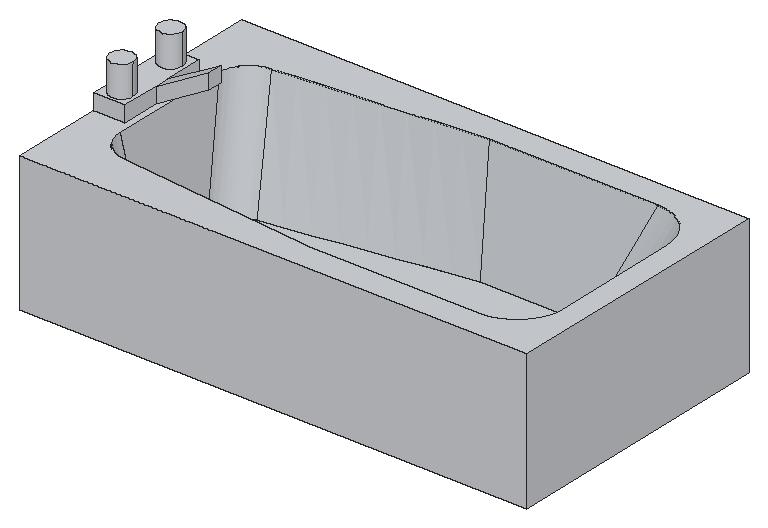
Revit family "912a1b6d5e24453dbc041826a40e85d3", category Plumbing Fixtures, Revit 2021
Family settings
  Round Connector Dimension = Use Radius
  Part Type = Normal
  OmniClass Number = 23.45.05.14.21.11
  OmniClass Title = Bath/Shower Units
  Seek Item ID = Bath Tub - Maestro-0000-USA-ENU
  Work Plane-Based = No
  Always vertical = Yes
  Cut with Voids When Loaded = No
  Shared = No
  Room Calculation Point = No
Parameters (values of type "66"x36" - Public")
  Sanitary Radius = 3/4"
  Sanitary Diameter = 2 * Sanitary Radius  # 1 1/2"
  WFU = 2
  Default Elevation = 0' - 0"
  Bath Tub Width = 3' - 0"
  Bath Tub Material = none
  Bath Tub Length = 5' - 6"
  Bath Tub Height = 1' - 6"
  Hot Water Radius = 1/4"
  Hot Water Diameter = 2 * Hot Water Radius  # 1/2"
  HWFU = 3
  Flow Pressure [instance] = 8.00 psi
  Faucet Material = none
  Cold Water Radius = 1/4"
  Cold Water Diameter = 2 * Cold Water Radius  # 1/2"
  CWFU = 3
Types (3): name | HWFU | CWFU
  (no name) | 3 | 3
  66"x36" - Public | 3 | 3
  66"x36" - Private | 1 | 1
Reference planes (in)
  plane 1 "Center (Front/Back)": y = 0
  plane 2: z = 0
  plane 3 "Center (Left/Right)": x = 0
  plane 4: x = 66
  plane 5: y = 36
  plane 6: z = 18
  plane 7: x = 63
  plane 8: y = 32.5
  plane 9: y = 3.5
  plane 10: x = 35
  plane 11: x = 5
  plane 12: y = 29.6875
  plane 13: y = 6.3125
  plane 14: x = 55
  plane 15: y = 31
  plane 16: y = 5
  plane 17: x = 6
  plane 18: y = 26.1875
  plane 19: y = 9.8125
  plane 20: z = 2
  plane 21: y = 18
  plane 22: y = 24
  plane 23: y = 12
  plane 24: x = 4
  plane 25: z = 20
  plane 26: z = 24
  plane 27: x = 2
  plane 28: y = 22
  plane 29: y = 14
  plane 30: x = 10.9375
  plane 31: y = 19
  plane 32: y = 17
  plane 33: z = 2.25
  plane 34: z = 10.25
Forms (in)
  Extrusion 1, solid, material <- "Bath Tub Material"
    sketch origin (0, 0, 0) x (1, 0, 0) y (0, 1, 0)
      loop
        line (0, 36) -> (0, 0) -> (66, 0) -> (66, 36) -> (0, 36)
    from 0 to 18
  Blend 2, void
    base sketch origin (0, 0, 0) x (1, 0, 0) y (0, 1, 0)
      loop
        line (35, 31) -> (9.34516, 26.74262)
        arc (9.34516, 26.74262) -> (6.94882, 25.38316) -> (6, 22.79659) r 4
        line (6, 22.79659) -> (6, 13.20341)
        arc (6, 13.20341) -> (6.94882, 10.61684) -> (9.34516, 9.25738) r 4
        line (9.34516, 9.25738) -> (35, 5) -> (49, 5)
        arc (49, 5) -> (53.24264, 6.75736) -> (55, 11) r 6
        line (55, 11) -> (55, 25)
        arc (55, 25) -> (53.24264, 29.24264) -> (49, 31) r 6
        line (49, 31) -> (35, 31)
    top sketch origin (0, 0, 0) x (1, 0, 0) y (0, 1, 0)
      loop
        line (35, 32.5) -> (8.62664, 30.0275)
        arc (8.62664, 30.0275) -> (6.04251, 28.73815) -> (5, 26.04496) r 4
        line (5, 26.04496) -> (5, 9.95504)
        arc (5, 9.95504) -> (6.04251, 7.26185) -> (8.62664, 5.9725) r 4
        line (8.62664, 5.9725) -> (35, 3.5) -> (57, 3.5)
        arc (57, 3.5) -> (61.24264, 5.25736) -> (63, 9.5) r 6
        line (63, 9.5) -> (63, 26.5)
        arc (63, 26.5) -> (61.24264, 30.74264) -> (57, 32.5) r 6
        line (57, 32.5) -> (35, 32.5)
    from 2 to 18
  Extrusion 3, solid, material <- "Faucet Material", detail levels fine
    sketch origin (0, 0, 0) x (1, 0, 0) y (0, 1, 0)
      loop
        line (0, 24) -> (0, 12) -> (4, 12) -> (4, 24) -> (0, 24)
    from 18 to 20
  Extrusion 4, solid, material <- "Faucet Material", detail levels fine
    sketch origin (0, 0, 0) x (1, 0, 0) y (0, 1, 0)
      loop
        circle (2, 22) r 1.5
      loop
        circle (2, 14) r 1.5
    from 20 to 24
  Extrusion 5, solid, material <- "Faucet Material", detail levels fine
    sketch origin (0, 0, 0) x (1, 0, 0) y (0, 0, 1)
      loop
        line (4, 20) -> (4, 18) -> (10.9375, 22) -> (10.9375, 24) -> (4, 20)
    from -19 to -17
  Extrusion 6, solid, material <- "Bath Tub Material"
    sketch origin (0, 0, 0) x (1, 0, 0) y (0, 1, 0)
      loop
        circle (10.9375, 18) r 1.5
    from 0 to 2
  Extrusion 7, solid, material <- "Bath Tub Material"
    sketch origin (0, 0, 0) x (0, 1, 0) y (0, 0, 1)
      loop
        circle (22, 10.25) r 0.5
    from 0 to 2
  Extrusion 8, solid, material <- "Bath Tub Material"
    sketch origin (0, 0, 0) x (0, 1, 0) y (0, 0, 1)
      loop
        circle (14, 10.25) r 0.5
    from 0 to 2
Cuts and joins
  Blend 2 cuts Extrusion 1
  joined: Extrusion 1, Extrusion 7, Extrusion 8
  joined: Extrusion 3, Extrusion 4, Extrusion 5
Dimensions and locks (in)
  "Bath Tub Length": plane 3 "Center (Left/Right)" to plane 4
  "Bath Tub Width": plane 5 to plane 1 "Center (Front/Back)"
  locked: plane 6 to plane 2 at 18
  locked: plane 7 to plane 4 at 3
  locked: plane 8 to plane 5 at 3.5
  locked: plane 9 to plane 1 "Center (Front/Back)" at 3.5
  locked: plane 3 "Center (Left/Right)" to plane 11 at 5
  locked: plane 5 to plane 12 at 6.3125
  locked: plane 13 to plane 1 "Center (Front/Back)" at 6.3125
  locked: plane 14 to plane 4 at 11
  locked: plane 8 to plane 15 at 1.5
  locked: plane 16 to plane 9 at 1.5
  locked: plane 11 to plane 17 at 1
  locked: plane 5 to plane 18 at 9.8125
  locked: plane 19 to plane 1 "Center (Front/Back)" at 9.8125
  plane 20 to plane 2 = 0' - 2"
  locked: plane 3 "Center (Left/Right)" to plane 10 at 35
  equal spacing: plane 5, plane 21, plane 1 "Center (Front/Back)"
  locked: plane 22 to plane 21 at 6
  locked: plane 21 to plane 23 at 6
  locked: plane 3 "Center (Left/Right)" to plane 24 at 4
  locked: plane 25 to plane 6 at 2
  locked: plane 26 to plane 25 at 4
  equal spacing: Extrusion 1, plane 27, plane 24
  locked: plane 22 to plane 28 at 2
  locked: plane 29 to plane 23 at 2
  locked: plane 30 to plane 24 at 6.9375
  plane 31 to plane 21 to plane 32 = 0' - 1" locked, 0' - 1" locked
  locked: plane 33 to plane 20 at 0.25
  locked: plane 6 to plane 34 at 7.75
  radius of Extrusion 4 sketch curve = 0' - 1 1/2"  (x2)
  radius of Extrusion 6 sketch curve = 0' - 1 1/2"
  radius of Extrusion 7 sketch curve = 0' - 0 1/2"
  radius of Extrusion 8 sketch curve = 0' - 0 1/2"
  aligned and locked: plane 3 "Center (Left/Right)" to Extrusion 1 sketch curve
  aligned and locked: Extrusion 1 sketch curve to plane 5
  aligned and locked: plane 1 "Center (Front/Back)" to Extrusion 1 sketch curve
  aligned and locked: Extrusion 1 sketch curve to plane 4
  aligned and locked: Extrusion 1 to plane 6
  aligned and locked: Extrusion 1 to plane 2
  aligned and locked: Blend 2 sketch curve to plane 15
  aligned and locked: Blend 2 sketch curve to plane 14
  aligned and locked: plane 16 to Blend 2 sketch curve
  aligned and locked: plane 10 to Blend 2 sketch curve  (x4)
  aligned and locked: Blend 2 sketch curve to plane 17
  aligned and locked: plane 8 to Blend 2 sketch curve
  aligned and locked: Blend 2 sketch curve to plane 7
  aligned and locked: plane 9 to Blend 2 sketch curve
  aligned and locked: Blend 2 sketch curve to plane 11
  aligned and locked: Blend 2 to plane 6
  aligned and locked: Blend 2 to plane 20
  aligned and locked: plane 3 "Center (Left/Right)" to Extrusion 3 sketch curve
  aligned and locked: Extrusion 3 sketch curve to plane 22
  aligned and locked: plane 23 to Extrusion 3 sketch curve
  aligned and locked: Extrusion 3 sketch curve to plane 24
  aligned and locked: plane 25 to Extrusion 3
  aligned and locked: plane 6 to Extrusion 3
  aligned and locked: plane 28 to Extrusion 4 sketch curve
  aligned and locked: plane 27 to Extrusion 4 sketch curve  (x2)
  aligned and locked: plane 29 to Extrusion 4 sketch curve
  aligned and locked: plane 26 to Extrusion 4
  aligned and locked: Extrusion 4 to plane 25
  aligned and locked: Extrusion 5 sketch curve to plane 30
  aligned and locked: plane 26 to Extrusion 5 sketch curve
  aligned and locked: plane 24 to Extrusion 5 sketch curve
  aligned and locked: plane 6 to Extrusion 5 sketch curve
  aligned and locked: plane 25 to Extrusion 5 sketch curve
  aligned and locked: plane 31 to Extrusion 5
  aligned and locked: Extrusion 5 to plane 32
  aligned and locked: plane 21 to Extrusion 6 sketch curve
  aligned and locked: plane 30 to Extrusion 6 sketch curve
  aligned and locked: Extrusion 6 to plane 2
  aligned and locked: plane 34 to Extrusion 7 sketch curve
  aligned and locked: plane 28 to Extrusion 7 sketch curve
  aligned and locked: Extrusion 7 to plane 3 "Center (Left/Right)"
  aligned and locked: plane 27 to Extrusion 7
  aligned and locked: plane 34 to Extrusion 8 sketch curve
  aligned and locked: plane 29 to Extrusion 8 sketch curve
  aligned and locked: Extrusion 8 to plane 3 "Center (Left/Right)"
  aligned and locked: plane 27 to Extrusion 8
  aligned and locked: plane 20 to Extrusion 6
Automatic sketch dimensions
  Blend 2 sketch curve to plane 19 = 0' - 0.55512"
  plane 17 to Blend 2 sketch curve = 0' - 3.34516"  (x2)
  plane 18 to Blend 2 sketch curve = 0' - 0.55512"
  plane 19 to Blend 2 sketch curve = 0' - 3.39091"
  Blend 2 sketch curve to plane 18 = 0' - 3.39091"
  Blend 2 sketch curve to plane 14 = 0' - 6"  (x2)
  plane 12 to Blend 2 sketch curve = 0' - 0.34"
  plane 17 to Blend 2 sketch curve = 0' - 2.62664"  (x2)
  Blend 2 sketch curve to plane 13 = 0' - 0.34"
  plane 19 to Blend 2 sketch curve = 0' - 0.14254"
  Blend 2 sketch curve to plane 18 = 0' - 0.14254"
  plane 14 to Blend 2 sketch curve = 0' - 2"  (x2)
  plane 25 to Extrusion 5 sketch curve = 0' - 2"
Connectors (in)
  piping at (0, 22, 10.25), diameter 0.5, driven by "CWFU", driven by "Cold Water Radius", driven by "Flow Pressure"
    settings: on Extrusion 7, index 1, connector inside diameter 1/2", connector length 0' - 0", flow factor 0, pipe flow 0 GPM, pressure drop 8.00 psi, fitting loss kfactor 0, connector angle 0.00°, fixture units 3, engagement length 0' - 0", angle of deflection 0.00°, flow configuration 3, flow direction 1, fitting loss method 4, system type 20, joint type 0, gender type 0, connector reference index -1, connector utility 0, adjustable connector no, is connector primary yes, connector description "In"
  piping at (0, 14, 10.25), diameter 0.5, driven by "HWFU", driven by "Hot Water Radius", driven by "Flow Pressure"
    settings: on Extrusion 8, index 2, connector inside diameter 1/2", connector length 0' - 0", flow factor 0, pipe flow 0 GPM, pressure drop 8.00 psi, fitting loss kfactor 0, connector angle 0.00°, fixture units 3, engagement length 0' - 0", angle of deflection 0.00°, flow configuration 3, flow direction 1, fitting loss method 4, system type 19, joint type 0, gender type 0, connector reference index -1, connector utility 0, adjustable connector no, is connector primary no, connector description "In"
  piping at (10.9375, 18, 0), diameter 1.5, driven by "Sanitary Radius", driven by "WFU"
    settings: on Extrusion 6, index 3, connector inside diameter 1 1/2", connector length 0' - 0", flow factor 0, pipe flow 0 GPM, pressure drop 0.00 psi, fitting loss kfactor 0, connector angle 0.00°, fixture units 2, engagement length 0' - 0", angle of deflection 0.00°, flow configuration 3, flow direction 2, fitting loss method 0, system type 16, joint type 0, gender type 0, connector reference index -1, connector utility 0, adjustable connector no, is connector primary no, connector description "Out"
